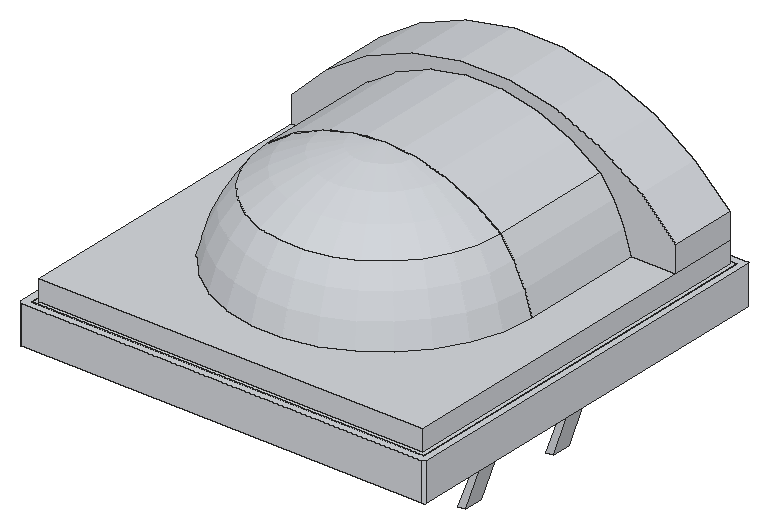
Revit family "Gira_537626", category Electrical Fixtures, host Face, Revit 2017
Family settings
  Host = Face
  Maintain Annotation Orientation = Yes
  Round Connector Dimension = Use Diameter
  Part Type = Normal
  Cut with Voids When Loaded = No
  Shared = No
  Room Calculation Point = No
Parameters (values of type "S3000 Beweg.m.aufs. 2,20 m Komfort BT System 55 F Alu")
  Werkstoffgüte = "sonstige"
  Werkstoff = "sonstige"
  Vernetzbar = "No"
  Unterkriechschutz/Rückfeldüberwachung = "No"
  URL = "http://katalog.gira.de/de_DE/datenblatt.html?artikelnr=537626"
  Treppenhausüberwachung = "Yes"
  Tierschneise = "No"
  Region = "DE"
  Name = "S3000 Beweg.m.aufs. 2,20 m Komfort BT System 55 F Alu"
  Montagehöhe = "2,2 m"
  Montageart = "unter Putz"
  Min. Einschaltdauer = "10 s"
  Max. Reichweite zu einer Seite = "6 m"
  Max. Reichweite frontal = "12 m"
  Max. Einschaltdauer = "1800 s"
  Manufacturer URL = "https://www.gira.de/"
  Konstantlichtregelung = "No"
  Keynote = "Bewegungsmelder_2,20m"
  HeinzeBIM = "https://bimportal.heinze.de/bim/s3000-beweg-m-aufs-2-20-m-komfort-bt-system-55-f-alu/f1890d5f06fbfd787bf8c362a015ad323349603b"
  Halogenfrei = "No"
  HLK-Ansteuerung = "No"
  HAN = "537626"
  Geeignet für drahtlose Übertragung = "No"
  Geeignet für Schutzart (IP) = "IP20"
  GTIN = "4010337050575"
  Farbe = "aluminium"
  Erfassungswinkel horizontal = "1 - 180"
  Default Elevation = 1219.2 mm
  Data sheet (1) = "https://katalog.gira.de/de_DE/download.html?artikelnr=537626"
  Category = "Bewegungsmelder-Sensor"
  Available = "Yes"
  Ausführung = "Bewegungsmelder"
  Ansprechhelligkeit einstellbar = "No"
  Ansprechempfindlichkeit einstellbar = "Yes"
  Abdimmfunktion mit Dimmeinsatz = "Yes"
Reference planes
  plane 1 "Center (Front/Back)": y = 0
  plane 2: z = 0
  plane 3 "Center (Left/Right)": x = 0
Forms (mm)
  Extrusion 1, solid, detail levels fine
    sketch origin (0, 0, 0) x (1, 0, 0) y (0, 0, 1)
      loop
        line (-33.25, 14.602) -> (-33.25, 10.1) -> (33.25, 10.1) -> (33.25, 14.602)
        arc (33.25, 14.602) -> (0, 30.256) -> (-33.25, 14.602) r 43.139
    from -33.25 to -21.609
  Extrusion 2, solid, detail levels fine
    sketch origin (0, 0, 0) x (1, 0, 0) y (0, 1, 0)
      loop
        line (-33.25, 33.25) -> (-33.25, -33.25) -> (33.25, -33.25) -> (33.25, 33.25) -> (-33.25, 33.25)
    from 6.6 to 10.1
  Extrusion 3, solid, detail levels fine
    sketch origin (0, 0, 0) x (1, 0, 0) y (0, 0, 1)
      loop
        arc (20.138, 21.225) -> (0, 28.457) -> (-20.138, 21.225) r 31.652
        arc (-20.138, 21.225) -> (-23.48, 15.984) -> (-25.486, 10.1) r 26.053
        line (-25.486, 10.1) -> (25.486, 10.1)
        arc (25.486, 10.1) -> (23.48, 15.984) -> (20.138, 21.225) r 26.053
    from -21.609 to 0
  Revolve 4, solid, detail levels fine
    sketch origin (0, 0, 0) x (1, 0, 0) y (0, 0, 1)
      loop
        arc (0, 28.457) -> (-10.699, 26.594) -> (-20.138, 21.225) r 31.652
        arc (-20.138, 21.225) -> (-23.48, 15.984) -> (-25.486, 10.1) r 26.053
        line (-25.486, 10.1) -> (0, 10.1) -> (0, 28.457)
      axis (0, 28.457) -> (0, 10.1)
    angle from -180 to 0
  Extrusion 5, solid, detail levels fine
    sketch origin (0, 0, 0) x (1, 0, 0) y (0, 1, 0)
      loop
        spline (-34.7, 35.2) -> (-34.765, 35.196) -> (-34.829, 35.183) -> (-34.891, 35.162) -> (-34.95, 35.133) -> (-35.004, 35.097) -> (-35.054, 35.054) -> (-35.097, 35.004) -> (-35.133, 34.95) -> (-35.162, 34.891) -> (-35.183, 34.829) -> (-35.196, 34.765) -> (-35.2, 34.7)
        line (-35.2, 34.7) -> (-35.2, -34.7)
        spline (-35.2, -34.7) -> (-35.196, -34.765) -> (-35.183, -34.829) -> (-35.162, -34.891) -> (-35.133, -34.95) -> (-35.097, -35.004) -> (-35.054, -35.054) -> (-35.004, -35.097) -> (-34.95, -35.133) -> (-34.891, -35.162) -> (-34.829, -35.183) -> (-34.765, -35.196) -> (-34.7, -35.2)
        line (-34.7, -35.2) -> (34.7, -35.2)
        spline (34.7, -35.2) -> (34.765, -35.196) -> (34.829, -35.183) -> (34.891, -35.162) -> (34.95, -35.133) -> (35.004, -35.097) -> (35.054, -35.054) -> (35.097, -35.004) -> (35.133, -34.95) -> (35.162, -34.891) -> (35.183, -34.829) -> (35.196, -34.765) -> (35.2, -34.7)
        line (35.2, -34.7) -> (35.2, 34.7)
        spline (35.2, 34.7) -> (35.196, 34.765) -> (35.183, 34.829) -> (35.162, 34.891) -> (35.133, 34.95) -> (35.097, 35.004) -> (35.054, 35.054) -> (35.004, 35.097) -> (34.95, 35.133) -> (34.891, 35.162) -> (34.829, 35.183) -> (34.765, 35.196) -> (34.7, 35.2)
        line (34.7, 35.2) -> (-34.7, 35.2)
      loop
        line (-33.986, 33.986) -> (-33.986, -33.986) -> (33.986, -33.986) -> (33.986, 33.986) -> (-33.986, 33.986)
    from 0 to 6.6
  Extrusion 6, solid, detail levels fine
    sketch origin (0, 0, 0) x (1, 0, 0) y (0, 1, 0)
      loop
        line (-33.986, 33.986) -> (-33.986, -33.986) -> (33.986, -33.986) -> (33.986, 33.986) -> (-33.986, 33.986)
    from 5 to 6.6
  Extrusion 7, solid
    sketch origin (0, 0, 0) x (1, 0, 0) y (0, 1, 0)
      loop
        line (-23.656, 22.752) -> (-23.656, -22.748)
        arc (-23.656, -22.748) -> (-23.409, -23.369) -> (-22.801, -23.65) r 0.904
        line (-22.801, -23.65) -> (22.796, -23.65)
        arc (22.796, -23.65) -> (23.404, -23.369) -> (23.656, -22.748) r 0.904
        line (23.656, -22.748) -> (23.652, 22.752)
        arc (23.652, 22.752) -> (23.404, 23.374) -> (22.796, 23.655) r 0.904
        line (22.796, 23.655) -> (-22.801, 23.655)
        arc (-22.801, 23.655) -> (-23.409, 23.374) -> (-23.656, 22.752) r 0.904
    from -3.2 to 5
  Extrusion 8, solid, detail levels fine
    sketch origin (0, 0, 0) x (1, 0, 0) y (0, 1, 0)
      loop
        line (-27.334, -25) -> (-26.366, -25) -> (-26.366, 26.298) -> (26.366, 26.298) -> (26.366, -25) -> (27.334, -25) -> (27.334, 27.402) -> (-27.334, 27.402) -> (-27.334, -25)
    from -1.1 to 5
  Extrusion 9, solid, detail levels fine
    sketch origin (0, 0, 0) x (1, 0, 0) y (0, 1, 0)
      loop
        line (-5.141, 20.682) -> (-5.141, 15.098)
        spline (-5.141, 15.098) -> (-5.133, 14.968) -> (-5.107, 14.84) -> (-5.065, 14.716) -> (-5.007, 14.599) -> (-4.935, 14.49) -> (-4.849, 14.391) -> (-4.75, 14.305) -> (-4.641, 14.233) -> (-4.524, 14.175) -> (-4.4, 14.133) -> (-4.272, 14.107) -> (-4.142, 14.099)
        line (-4.142, 14.099) -> (4.142, 14.099)
        spline (4.142, 14.099) -> (4.272, 14.107) -> (4.4, 14.133) -> (4.524, 14.175) -> (4.641, 14.233) -> (4.75, 14.305) -> (4.849, 14.391) -> (4.935, 14.49) -> (5.007, 14.599) -> (5.065, 14.716) -> (5.107, 14.84) -> (5.133, 14.968) -> (5.141, 15.098)
        line (5.141, 15.098) -> (5.141, 20.682)
        spline (5.141, 20.682) -> (5.133, 20.812) -> (5.107, 20.94) -> (5.065, 21.064) -> (5.007, 21.181) -> (4.935, 21.29) -> (4.849, 21.389) -> (4.75, 21.475) -> (4.641, 21.547) -> (4.524, 21.605) -> (4.4, 21.647) -> (4.272, 21.673) -> (4.142, 21.681)
        line (4.142, 21.681) -> (-4.142, 21.681)
        spline (-4.142, 21.681) -> (-4.272, 21.673) -> (-4.4, 21.647) -> (-4.524, 21.605) -> (-4.641, 21.547) -> (-4.75, 21.475) -> (-4.849, 21.389) -> (-4.935, 21.29) -> (-5.007, 21.181) -> (-5.065, 21.064) -> (-5.107, 20.94) -> (-5.133, 20.812) -> (-5.141, 20.682)
    from -19.6 to -3.2
  Extrusion 10, solid, detail levels fine
    sketch origin (0, 0, 0) x (1, 0, 0) y (0, 0, 1)
      loop
        line (-24.966, -3.825) -> (-25.395, -8.726) -> (-23.048, -15.543) -> (-21.665, -15.713) -> (-24.338, -8.563) -> (-23.422, -1.1) -> (-25.014, -1.1) -> (-24.966, -3.825)
      loop
        line (24.966, -3.825) -> (25.014, -1.1) -> (23.422, -1.1) -> (24.338, -8.563) -> (21.665, -15.713) -> (23.048, -15.543) -> (25.395, -8.726) -> (24.966, -3.825)
    from -11.1 to -7.9
  Extrusion 11, solid, detail levels fine
    sketch origin (0, 0, 0) x (1, 0, 0) y (0, 0, -1)
      loop
        line (-24.966, 3.825) -> (-25.014, 1.1) -> (-23.422, 1.1) -> (-24.338, 8.563) -> (-21.665, 15.713) -> (-23.048, 15.543) -> (-25.395, 8.726) -> (-24.966, 3.825)
      loop
        line (24.966, 3.825) -> (25.395, 8.726) -> (23.048, 15.543) -> (21.665, 15.713) -> (24.338, 8.563) -> (23.422, 1.1) -> (25.014, 1.1) -> (24.966, 3.825)
    from -11.1 to -7.9
  Extrusion 12, solid
    sketch origin (0, 0, 0) x (1, 0, 0) y (0, 1, 0)
      loop
        line (-23.656, 22.752) -> (-23.656, -22.748)
        arc (-23.656, -22.748) -> (-23.409, -23.369) -> (-22.801, -23.65) r 0.904
        line (-22.801, -23.65) -> (22.796, -23.65)
        arc (22.796, -23.65) -> (23.404, -23.369) -> (23.656, -22.748) r 0.904
        line (23.656, -22.748) -> (23.652, 22.752)
        arc (23.652, 22.752) -> (23.404, 23.374) -> (22.796, 23.655) r 0.904
        line (22.796, 23.655) -> (-22.801, 23.655)
        arc (-22.801, 23.655) -> (-23.409, 23.374) -> (-23.656, 22.752) r 0.904
    from -3.2 to 5
  Extrusion 13, solid, detail levels medium
    sketch origin (0, 0, 0) x (1, 0, 0) y (0, 1, 0)
      loop
        line (-35.2, 35.2) -> (-35.2, -35.2) -> (35.2, -35.2) -> (35.2, 35.2) -> (-35.2, 35.2)
    from 0 to 6.6
  Extrusion 14, solid, detail levels medium
    sketch origin (0, 0, 0) x (1, 0, 0) y (0, 1, 0)
      loop
        line (-33.25, 33.25) -> (-33.25, -33.25) -> (33.25, -33.25) -> (33.25, 33.25) -> (-33.25, 33.25)
    from 6.6 to 30.256
  Extrusion 15, solid, detail levels medium
    sketch origin (0, 0, 0) x (1, 0, 0) y (0, 1, 0)
      loop
        line (-23.656, 23.655) -> (-23.656, -23.65) -> (23.656, -23.65) -> (23.656, 23.655) -> (-23.656, 23.655)
    from -3.2 to 5
  Extrusion 16, solid, detail levels medium
    sketch origin (0, 0, 0) x (1, 0, 0) y (0, 0, 1)
      loop
        line (-25.014, -1.1) -> (-25.014, -15.713) -> (-21.665, -15.713) -> (-21.665, -1.1) -> (-25.014, -1.1)
      loop
        line (25.014, -1.1) -> (21.665, -1.1) -> (21.665, -15.713) -> (25.014, -15.713) -> (25.014, -1.1)
    from -11.1 to -7.9
  Extrusion 17, solid, detail levels medium
    sketch origin (0, 0, 0) x (1, 0, 0) y (0, 0, -1)
      loop
        line (-25.014, 1.1) -> (-21.665, 1.1) -> (-21.665, 15.713) -> (-25.014, 15.713) -> (-25.014, 1.1)
      loop
        line (25.014, 1.1) -> (25.014, 15.713) -> (21.665, 15.713) -> (21.665, 1.1) -> (25.014, 1.1)
    from -11.1 to -7.9
  Extrusion 18, solid, detail levels medium
    sketch origin (0, 0, 0) x (1, 0, 0) y (0, 1, 0)
      loop
        line (-5.141, 14.099) -> (5.141, 14.099) -> (5.141, 21.681) -> (-5.141, 21.681) -> (-5.141, 14.099)
    from -19.6 to -3.2
  Extrusion 19, solid, detail levels coarse
    sketch origin (0, 0, 0) x (1, 0, 0) y (0, 1, 0)
      loop
        line (-35.2, 35.2) -> (-35.2, -35.2) -> (35.2, -35.2) -> (35.2, 35.2) -> (-35.2, 35.2)
    from -19.6 to 30.256
Dimensions and locks
  aligned and locked: plane 2 to host face
  aligned and locked: level to host face
  aligned and locked: nested 1 to plane 3 "Center (Left/Right)"
  aligned and locked: plane 1 "Center (Front/Back)" to nested 1
Nested families
  nested 1: "Belegungssensor - Bewegung - Aufputz - Beschriftung" at (0, 0, 0) x (0, -1, 0) z (0, 0, 1), type "Belegungssensor - Bewegung - Aufputz - Beschriftung"
Connectors
  electrical at (0, 0, -19.6)
    settings: on Extrusion 19, index 1, voltage 220 V, apparent load 0 VA, apparent load phase1 0 VA, apparent load phase2 0 VA, apparent load phase3 0 VA, power factor 1, load classification "Other", number of poles 1, system type 30, power factor state 1, is connector primary yes, connector utility no, sub classification motor no, connector description ""
Definition of nested family "Belegungssensor - Bewegung - Aufputz - Beschriftung"
  Reference planes
    plane 1: y = 0
    plane 2: x = 0
  Lines and regions (mm)
    Filled region 1, type "Gefüllter Bereich 1"
      outline origin (143.425, -20.712, 0) x (1, 0, 0) y (0, 1, 0)
        loop
          line (-148.697, 21.204) -> (-148.697, 20.409) -> (-147.583, 20.807) -> (-148.697, 21.204)
    Filled region 2, type "Gefüllter Bereich 1"
      outline origin (141.808, 30.001, 0) x (0.939693, 0.34202, 0) y (-0.34202, 0.939693, 0)
        loop
          line (-148.694, 21.203) -> (-148.694, 20.41) -> (-147.583, 20.807) -> (-148.694, 21.203)
    Filled region 3, type "Gefüllter Bereich 1"
      outline origin (141.819, -29.825, 0) x (-0.34202, -0.939693, 0) y (0.939693, -0.34202, 0)
        loop
          line (21.204, -148.697) -> (20.807, -147.583) -> (20.409, -148.697) -> (21.204, -148.697)
    detail lines
      curve 1: line (-1.207, 0.095, 0) -> (-3.486, 1.411, 0)
      curve 2: line (-1.207, 0.095, 0) -> (-3.486, -1.221, 0)
      curve 5: arc (-3.252, 1.752, 0) -> (-3.839, 0.095, 0) -> (-3.252, -1.562, 0) r 2.632
      curve 6: line (-6, 3, 0) -> (0, 3, 0)
      curve 7: line (-6, -3, 0) -> (-6, 3, 0)
      curve 8: line (0, -3, 0) -> (-6, -3, 0)
      curve 9: line (0, 3, 0) -> (0, -3, 0)
    reference lines
      curve 3: line (-1.207, 0.095, 0) -> (-3.616, 2.046, 0)
      curve 4: line (-1.207, 0.095, 0) -> (-3.616, -1.856, 0)
  Dimensions and locks
    curve 1 to curve 1 = 2.632 mm
    curve 2 to curve 2 = 2.632 mm
    curve 6 to curve 8 = 6 mm
    curve 7 to curve 9 = 6 mm
    angle curve 1 to curve 2 = 60.00°
    aligned and locked: curve 6 to curve 7
    aligned and locked: curve 9 to curve 9
